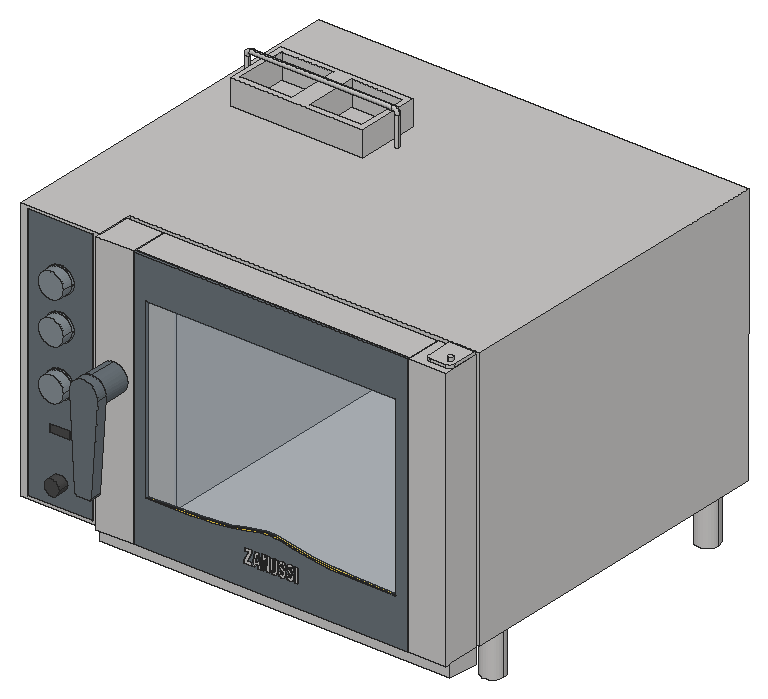
Revit family "QF_ZANUSSI_240470_ZFCG61CSAS", category Specialty Equipment, Revit 2023
Family settings
  Round Connector Dimension = Use Diameter
  Part Type = Normal
  Work Plane-Based = No
  Enable Cutting in Views = No
  Always vertical = Yes
  Cut with Voids When Loaded = No
  Maintain Annotation Orientation = No
  Shared = No
  Room Calculation Point = No
Parameters (values of type "Standard")
  Weight = 92.10 kg
  Watts = 0 W
  Volts = 220 V
  URL Manufacturer = "http://www.zanussiprofessional.com"
  URL = "http://www.zanussiprofessional.com"
  Steam Supply Size = 0 mm
  Steam Supply Minimum Pressure = 0.0 Pa
  Steam Supply Maximum Pressure = 0.0 Pa
  Steam Consumption per Hour = 0
  Show Logo [instance] = yes
  Show Clearance [instance] = yes
  Refrigeration Suction Line Size = 0 mm
  Refrigeration Liquid Line Size = 0 mm
  Refrigerant Compressor Remote = yes
  Default Elevation = 0 mm
  Manufacturer = "Zanussi"
  Phase = 1
  Model = "ZFCG61CSAS"
  Length Actual = 860 mm
  Item Number = "240470"
  Hot Water Size = 0 mm
  Height Actual = 701 mm
  HP = "0.5 HP"
  Gas Size = 12.7 mm
  Gas KW = 8.5
  Gas Input Pressure = 0.63 W
  Direct Waste Size = 25 mm
  Description = "CONVECTION OVEN CW 6 GN 1/1 - GAS"
  Depth Actual = 746 mm
  Cycle = 50 Hz
  Condensate Return Size = 0 mm
  Compressed Air Volume = 0.0 L/s
  Compressed Air Size = 0 mm
  Compressed Air Pressure = 0.0 Pa
  Cold Water Size = 19.05 mm
  Accessory = no
Reference planes
  plane 1 "Center X": y = 96.351
  plane 2: z = 0
  plane 3 "Center Y": x = -330
  plane 4 "LEFT": x = -760
  plane 5 "BACK": y = 469.351
  plane 6 "RIGHT": x = 100
  plane 7 "FRONT": y = -276.649
  plane 8: x = -710
  plane 9 "FeetBack": y = 419.351
  plane 10 "DoorDepth": y = -201.649
  plane 11: x = 80
  plane 12 "BASE": z = 108
  plane 13 "TOP": z = 633
  plane 14: z = 0
  plane 15 "1": y = 231.351
  plane 16 "FeetFront": y = -96.649
  plane 17: z = 704
  plane 18: y = -351.649
  plane 19 "Drain_X": x = -323
  plane 20 "Drain_Y": y = 51.351
  plane 21 "EI_x": x = -663
  plane 22 "EI_y": y = 3.351
  plane 23 "GAS_y": y = -44.649
  plane 24 "Gas_x": x = -679
  plane 25 "CWI_y": y = 294.351
  plane 26 "CWI_x": x = -689
  plane 27: y = -945.649
Forms (mm)
  Extrusion 1, solid, material "QF_Finishes_Stainless Steel"
    sketch origin (0, -8.5, 108) x (-1, 0, 0) y (0, -1, 0)
      loop
        circle (689, -302.851) r 13.25
    from -5 to 0
  Extrusion 2, solid, material "QF_Finishes_Stainless Steel"
    sketch origin (0, 57.5, 108) x (-1, 0, 0) y (0, -1, 0)
      loop
        circle (663, 54.149) r 13.25
    from -5 to 0
  Extrusion 3, solid, material "QF_Finishes_Stainless Steel"
    sketch origin (89, -125, 108) x (-1, 0, 0) y (0, -1, 0)
      loop
        circle (412, -176.351) r 13.25
    from -5 to 0
  Extrusion 4, solid, material "QF_Finishes_Black"
    sketch origin (0, -276.649, -3) x (-1, 0, 0) y (0, 0, 1)
      loop
        circle (680.941, 161.023) r 15
    from 0 to -20
  Extrusion 5, solid, material "QF_Finishes_Stainless Steel"
    sketch origin (15, -153.5, 108) x (-1, 0, 0) y (0, -1, 0)
      loop
        circle (694, -108.851) r 13.25
    from -5 to 0
  Extrusion 6, solid, material "QF_Finishes_Zanussi_Soft Gray"
    sketch origin (0, -276.649, -6) x (-1, 0, 0) y (0, 0, 1)
      loop
        circle (680, 528.824) r 26.676
    from 0 to -3
  Blend 7, solid, material "QF_Finishes_Zanussi_Soft Gray"
    base sketch origin (0, -276.649, -6) x (-1, 0, 0) y (0, 0, 1)
      loop
        circle (680, 528.824) r 25
    top sketch origin (0, -276.649, -6) x (-1, 0, 0) y (0, 0, 1)
      loop
        circle (680, 528.824) r 24.8
    from -3 to -23
  Extrusion 8, solid, material "QF_Finishes_Zanussi_Soft Gray"
    sketch origin (0, -276.649, -5) x (-1, 0, 0) y (0, 0, 1)
      loop
        circle (680, 443.824) r 26.676
    from 0 to -3
  Blend 9, solid, material "QF_Finishes_Zanussi_Soft Gray"
    base sketch origin (0, -276.649, -5) x (-1, 0, 0) y (0, 0, 1)
      loop
        circle (680, 443.824) r 25
    top sketch origin (0, -276.649, -5) x (-1, 0, 0) y (0, 0, 1)
      loop
        circle (680, 443.824) r 24.8
    from -3 to -23
  Extrusion 10, solid, material "QF_Finishes_Zanussi_Soft Gray"
    sketch origin (0, -276.649, -22) x (-1, 0, 0) y (0, 0, 1)
      loop
        circle (680, 358.824) r 26.676
    from 0 to -3
  Blend 11, solid, material "QF_Finishes_Zanussi_Soft Gray"
    base sketch origin (0, -276.649, -22) x (-1, 0, 0) y (0, 0, 1)
      loop
        circle (680, 358.824) r 25
    top sketch origin (0, -276.649, -22) x (-1, 0, 0) y (0, 0, 1)
      loop
        circle (680, 358.824) r 24.8
    from -3 to -23
  Extrusion 12, solid, material "QF_Finishes_Stainless Steel"
    sketch origin (-158.755, 1.577, 1620) x (-1, 0, 0) y (0, -1, 0)
      loop
        line (271.755, -292.774) -> (536.755, -292.774) -> (536.755, -167.774) -> (271.755, -167.774) -> (271.755, -292.774)
      loop
        line (281.755, -282.774) -> (386.755, -282.774) -> (386.755, -177.774) -> (281.755, -177.774) -> (281.755, -282.774)
      loop
        line (526.755, -177.774) -> (421.755, -177.774) -> (421.755, -282.774) -> (526.755, -282.774) -> (526.755, -177.774)
    from -987 to -936
  Sweep 13, solid, material "QF_Finishes_Stainless Steel"
    path origin (-11, 231.351, 0) x (-1, 0, 0) y (0, 0, 1)
      loop
        line (702, 633) -> (702, 692)
        arc (702, 692) -> (699.657, 697.657) -> (694, 700) r 8
        line (694, 700) -> (409, 700)
        arc (409, 700) -> (403.343, 697.657) -> (401, 692) r 8
        line (401, 692) -> (401, 633)
    profile origin (-713, 231.351, 662.5) x (1, 0, 0) y (0, 1, 0)
      loop
        circle (0, 0) r 4
  Extrusion 14, solid, material "QF_Finishes_Stainless Steel"
    sketch origin (0, 0, 108) x (-1, 0, 0) y (0, -1, 0)
      loop
        line (760, -469.351) -> (760, 276.649) -> (600, 276.649) -> (600, 201.649) -> (-100, 201.649) -> (-100, -469.351) -> (760, -469.351)
    from 525 to 0
  Extrusion 15, solid, material "QF_Finishes_Zanussi_Dark Gray"
    sketch origin (0, -276.649, 0) x (-1, 0, 0) y (0, 0, 1)
      loop
        line (745, 628) -> (615, 628) -> (615, 113) -> (745, 113) -> (745, 628)
      loop
        line (660.941, 258.023) -> (660.941, 243.023) -> (700.941, 243.023) -> (700.941, 258.023) -> (660.941, 258.023)
    from 0 to 5
  Extrusion 16, void
    sketch origin (0, -276.649, 0) x (-1, 0, 0) y (0, 0, 1)
      loop
        line (745, 628) -> (615, 628) -> (615, 113) -> (745, 113) -> (745, 628)
    from 0 to 5
  Extrusion 17, void
    sketch origin (0, -276.649, 0) x (-1, 0, 0) y (0, 0, 1)
      loop
        line (-71.369, 123) -> (525, 123) -> (525, 613) -> (-71.369, 613) -> (-71.369, 123)
    from 737 to 75
  Extrusion 18, solid, material "QF_Finishes_Black"
    sketch origin (0, -276.649, 0) x (-1, 0, 0) y (0, 0, 1)
      loop
        line (700.941, 258.023) -> (660.941, 258.023) -> (660.941, 243.023) -> (700.941, 243.023) -> (700.941, 258.023)
    from 5 to 0
  Extrusion 19, solid, material "QF_Clearances", detail levels coarse
    sketch origin (0, 0, 0) x (1, 0, 0) y (0, 1, 0)
      loop
        line (-810, -276.649) -> (-760, -276.649) -> (-760, 469.351) -> (100, 469.351) -> (100, -276.649) -> (150, -276.649) -> (150, 519.351) -> (-810, 519.351) -> (-810, -276.649)
    from 633 to 0
Cuts and joins
  Extrusion 16, Extrusion 17 cuts Extrusion 14
Lines and regions (mm)
  symbolic lines
    curve 1: line (-760, -276.649, 1620) -> (-760, 469.351, 1620)
    curve 2: line (-760, 469.351, 1620) -> (100, 469.351, 1620)
    curve 3: line (-600, -201.649, 1620) -> (100, -201.649, 1620)
    curve 4: line (-600, -201.649, 1620) -> (-600, -276.649, 1620)
    curve 5: line (-760, -276.649, 1620) -> (-600, -276.649, 1620)
    curve 6: line (-706.676, -279.649, 1620) -> (-653.324, -279.649, 1620)
    curve 7: line (-706.676, -279.649, 1620) -> (-706.676, -276.649, 1620)
    curve 8: line (-653.324, -279.649, 1620) -> (-653.324, -276.649, 1620)
    curve 9: line (100, 469.351, 1620) -> (100, -276.649, 1620)
    curve 10: line (-686, 186.822, 684) -> (-686, 227.351, 684)
    curve 11: line (-713, 235.351, 684) -> (-412, 235.351, 684)
    curve 12: line (-713, 227.351, 684) -> (-713, 235.351, 684)
    curve 13: line (-412, 227.351, 684) -> (-713, 227.351, 684)
    curve 14: line (-412, 235.351, 684) -> (-412, 227.351, 684)
    curve 15: line (-704.8, -299.649, 684) -> (-655.2, -299.649, 684)
    curve 16: line (-704.8, -299.649, 684) -> (-705, -279.649, 684)
    curve 17: line (-655.2, -299.649, 684) -> (-655, -279.649, 684)
    curve 23: line (-695.51, 294.351, 633) -> (-430.51, 294.351, 633)
    curve 24: line (-430.51, 294.351, 633) -> (-430.51, 235.351, 633)
    curve 25: line (-430.51, 227.351, 633) -> (-430.51, 169.351, 633)
    curve 26: line (-430.51, 169.351, 633) -> (-695.51, 169.351, 633)
    curve 27: line (-695.51, 169.351, 633) -> (-695.51, 227.351, 633)
    curve 28: line (-695.51, 235.351, 633) -> (-695.51, 294.351, 633)
    curve 29: line (-685.51, 284.351, 633) -> (-580.51, 284.351, 633)
    curve 30: line (-580.51, 284.351, 633) -> (-580.51, 235.351, 633)
    curve 31: line (-685.51, 284.351, 633) -> (-685.51, 235.351, 633)
    curve 32: line (-685.51, 179.351, 633) -> (-685.51, 227.351, 633)
    curve 33: line (-685.51, 179.351, 633) -> (-580.51, 179.351, 633)
    curve 34: line (-580.51, 179.351, 633) -> (-580.51, 227.351, 633)
    curve 35: line (-545.51, 179.351, 633) -> (-545.51, 227.351, 633)
    curve 36: line (-545.51, 235.351, 633) -> (-545.51, 284.351, 633)
    curve 37: line (-545.51, 284.351, 633) -> (-440.51, 284.351, 633)
    curve 38: line (-440.51, 284.351, 633) -> (-440.51, 235.351, 633)
    curve 39: line (-440.51, 227.351, 633) -> (-440.51, 179.351, 633)
    curve 40: line (-440.51, 179.351, 633) -> (-545.51, 179.351, 633)
  symbolic lines, style "QF_Clearances", detail levels coarse
    curve 18: line (-810, -276.649, 0) -> (-810, 519.351, 0)
    curve 19: line (-810, 519.351, 0) -> (150, 519.351, 0)
    curve 20: line (150, 519.351, 0) -> (150, -276.649, 0)
    curve 21: line (150, -276.649, 0) -> (100, -276.649, 0)
    curve 22: line (-810, -276.649, 0) -> (-753.438, -276.649, 0)
Dimensions and locks
  equal spacing: plane 4 "LEFT", plane 3 "Center Y", plane 6 "RIGHT"
  "Length Actual": plane 4 "LEFT" to plane 6 "RIGHT"
  "Depth Actual": plane 5 "BACK" to plane 7 "FRONT"
  equal spacing: plane 5 "BACK", plane 1 "Center X", plane 7 "FRONT"
  plane 12 "BASE" to plane 14 = 108 mm
  plane 13 "TOP" to plane 12 "BASE" = 525 mm
  plane 13 "TOP" to plane 14 = 633 mm
  plane 5 "BACK" to plane 9 "FeetBack" = 50 mm
  plane 9 "FeetBack" to plane 16 "FeetFront" = 516 mm
  locked: plane 16 "FeetFront" to plane 7 "FRONT" at 180
  plane 17 to plane 13 "TOP" to plane 12 "BASE" to level = 71 mm, 525 mm, 108 mm
  plane 17 to level = 704 mm  (x2)
  plane 7 "FRONT" to plane 18 = 75 mm
  plane 5 "BACK" to plane 20 "Drain_Y" = 418 mm
  plane 4 "LEFT" to plane 19 "Drain_X" = 437 mm
  plane 4 "LEFT" to plane 21 "EI_x" = 97 mm
  plane 5 "BACK" to plane 22 "EI_y" = 466 mm
  plane 5 "BACK" to plane 23 "GAS_y" = 514 mm
  plane 4 "LEFT" to plane 24 "Gas_x" = 81 mm
  plane 5 "BACK" to plane 25 "CWI_y" = 175 mm
  plane 4 "LEFT" to plane 26 "CWI_x" = 71 mm
  plane 5 "BACK" to plane 15 "1" = 238 mm
  plane 5 "BACK" to plane 27 = 1415 mm
  locked: plane 10 "DoorDepth" to plane 7 "FRONT" at 75
  aligned and locked: level to plane 2
  aligned and locked: plane 12 "BASE" to nested 1
  aligned and locked: plane 12 "BASE" to nested 2
  aligned and locked: plane 12 "BASE" to nested 4
  aligned and locked: plane 12 "BASE" to nested 3
  aligned and locked: plane 25 "CWI_y" to Extrusion 1
Automatic sketch dimensions
  curve 22 to plane 7 "FRONT" = 0 mm
  curve 21 to plane 6 "RIGHT" = 0 mm
  curve 21 to plane 7 "FRONT" = 0 mm
  curve 18 to plane 4 "LEFT" = 50 mm
  plane 6 "RIGHT" to curve 21 = 50 mm
  plane 5 "BACK" to curve 19 = 50 mm
  plane 4 "LEFT" to curve 22 = 6.562 mm
  Extrusion 1 sketch curve to plane 25 "CWI_y" = 0 mm
  Extrusion 1 sketch curve to plane 26 "CWI_x" = 0 mm
  Extrusion 2 sketch curve to plane 21 "EI_x" = 0 mm
  Extrusion 2 sketch curve to plane 22 "EI_y" = 0 mm
  Extrusion 3 sketch curve to plane 19 "Drain_X" = 0 mm
  Extrusion 3 sketch curve to plane 20 "Drain_Y" = 0 mm
  Extrusion 4 sketch curve to plane 24 "Gas_x" = 1.941 mm
  plane 12 "BASE" to Extrusion 4 sketch curve = 50.023 mm
  Extrusion 5 sketch curve to plane 23 "GAS_y" = 0 mm
  Extrusion 5 sketch curve to plane 24 "Gas_x" = 0 mm
  plane 15 "1" to curve 11 = 4 mm
  curve 11 to plane 3 "Center Y" = 82 mm
  plane 21 "EI_x" to curve 15 = 7.8 mm
  plane 8 to curve 15 = 5.2 mm
  curve 12 to plane 8 = 3 mm
  curve 13 to plane 15 "1" = 4 mm
  curve 17 to plane 7 "FRONT" = 23 mm
  curve 17 to plane 7 "FRONT" = 3 mm
  plane 21 "EI_x" to curve 17 = 8 mm
  plane 26 "CWI_x" to curve 10 = 3 mm
  plane 8 to curve 16 = 5 mm
  curve 10 to curve 10 = 40.529 mm
  curve 16 to plane 7 "FRONT" = 3 mm
  Extrusion 6 sketch curve to plane 24 "Gas_x" = 1 mm
  Extrusion 6 sketch curve to plane 13 "TOP" = 110.176 mm
  Blend 7 sketch curve to plane 24 "Gas_x" = 1 mm  (x2)
  Blend 7 sketch curve to plane 13 "TOP" = 110.176 mm  (x2)
  Extrusion 8 sketch curve to plane 24 "Gas_x" = 1 mm
  Extrusion 8 sketch curve to plane 13 "TOP" = 194.176 mm
  Blend 9 sketch curve to plane 24 "Gas_x" = 1 mm  (x2)
  Blend 9 sketch curve to plane 13 "TOP" = 194.176 mm  (x2)
  Extrusion 10 sketch curve to plane 24 "Gas_x" = 1 mm
  plane 12 "BASE" to Extrusion 10 sketch curve = 228.824 mm
  Blend 11 sketch curve to plane 24 "Gas_x" = 1 mm  (x2)
  plane 12 "BASE" to Blend 11 sketch curve = 228.824 mm  (x2)
  Extrusion 12 sketch curve to plane 25 "CWI_y" = 0 mm
  Extrusion 12 sketch curve to plane 3 "Center Y" = 100.51 mm
  Extrusion 12 sketch curve to Extrusion 12 sketch curve = 10 mm  (x2)
  Extrusion 12 sketch curve to plane 25 "CWI_y" = 10 mm  (x2)
  Extrusion 12 sketch curve to Extrusion 12 sketch curve = 105 mm
  Extrusion 12 sketch curve to Extrusion 12 sketch curve = 35 mm
  plane 26 "CWI_x" to Extrusion 12 sketch curve = 3.49 mm
  Extrusion 12 sketch curve to plane 26 "CWI_x" = 6.51 mm
  Extrusion 12 sketch curve to plane 15 "1" = 52 mm  (x2)
  Sweep 13 sketch curve to plane 13 "TOP" = 0 mm  (x2)
  Sweep 13 sketch curve to plane 17 = 12 mm
  Sweep 13 sketch curve to plane 3 "Center Y" = 82 mm
  Sweep 13 sketch curve to Sweep 13 sketch curve = 8 mm
  plane 8 to Sweep 13 sketch curve = 5 mm
  Sweep 13 sketch curve to plane 8 = 3 mm
  Sweep 13 sketch curve to plane 15 "1" = 0 mm
  Sweep 13 sketch curve to profile plane = 0 mm
  curve 23 to plane 25 "CWI_y" = 0 mm
  curve 23 to plane 3 "Center Y" = 100.51 mm
  curve 25 to curve 24 = 0 mm
  curve 25 to curve 40 = 10 mm
  curve 23 to curve 38 = 10 mm
  curve 40 to plane 15 "1" = 52 mm
  curve 39 to curve 40 = 105 mm
  curve 37 to plane 25 "CWI_y" = 10 mm
  curve 37 to curve 35 = 0 mm
  curve 30 to plane 25 "CWI_y" = 10 mm
  curve 36 to curve 30 = 35 mm
  curve 35 to curve 33 = 35 mm
  plane 26 "CWI_x" to curve 31 = 3.49 mm
  plane 26 "CWI_x" to curve 32 = 3.49 mm
  curve 27 to plane 26 "CWI_x" = 6.51 mm
  curve 23 to plane 26 "CWI_x" = 6.51 mm
  curve 33 to curve 35 = 0 mm
  curve 32 to curve 26 = 10 mm
  plane 15 "1" to curve 38 = 4 mm
  plane 15 "1" to curve 31 = 4 mm
  plane 15 "1" to curve 24 = 4 mm
  plane 15 "1" to curve 36 = 4 mm
  plane 15 "1" to curve 30 = 4 mm
  plane 15 "1" to curve 28 = 4 mm
  curve 35 to plane 15 "1" = 4 mm
  curve 39 to plane 15 "1" = 4 mm
  curve 27 to plane 15 "1" = 4 mm
  curve 25 to plane 15 "1" = 4 mm
  curve 34 to plane 15 "1" = 4 mm
  curve 32 to plane 15 "1" = 4 mm
  Extrusion 14 sketch curve to plane 5 "BACK" = 0 mm
  Extrusion 14 sketch curve to plane 6 "RIGHT" = 0 mm
  Extrusion 14 sketch curve to plane 10 "DoorDepth" = 0 mm
  Extrusion 14 sketch curve to plane 7 "FRONT" = 0 mm
  Extrusion 14 sketch curve to plane 4 "LEFT" = 0 mm
  plane 21 "EI_x" to Extrusion 14 sketch curve = 63 mm
  Extrusion 16 sketch curve to plane 13 "TOP" = 5 mm
  plane 21 "EI_x" to Extrusion 16 sketch curve = 48 mm
  Extrusion 16 sketch curve to plane 8 = 35 mm
  plane 12 "BASE" to Extrusion 16 sketch curve = 5 mm
  Extrusion 17 sketch curve to plane 13 "TOP" = 20 mm
  Extrusion 17 sketch curve to plane 11 = 8.631 mm
  plane 21 "EI_x" to Extrusion 17 sketch curve = 138 mm
  plane 12 "BASE" to Extrusion 17 sketch curve = 15 mm
  Extrusion 15 sketch curve to plane 13 "TOP" = 5 mm
  plane 21 "EI_x" to Extrusion 15 sketch curve = 48 mm
  plane 21 "EI_x" to Extrusion 15 sketch curve = 2.059 mm
  plane 8 to Extrusion 15 sketch curve = 9.059 mm
  plane 4 "LEFT" to Extrusion 15 sketch curve = 15 mm
  plane 12 "BASE" to Extrusion 15 sketch curve = 150.023 mm
  Extrusion 15 sketch curve to Extrusion 15 sketch curve = 15 mm
  plane 12 "BASE" to Extrusion 15 sketch curve = 5 mm
  plane 21 "EI_x" to Extrusion 18 sketch curve = 2.059 mm
  plane 8 to Extrusion 18 sketch curve = 9.059 mm
  plane 12 "BASE" to Extrusion 18 sketch curve = 135.023 mm
  Extrusion 18 sketch curve to Extrusion 18 sketch curve = 15 mm
  curve 3 to plane 10 "DoorDepth" = 0 mm
  curve 5 to plane 7 "FRONT" = 0 mm
  curve 2 to plane 4 "LEFT" = 0 mm
  curve 1 to plane 5 "BACK" = 0 mm
  plane 21 "EI_x" to curve 3 = 63 mm
  curve 8 to plane 7 "FRONT" = 3 mm
  plane 21 "EI_x" to curve 8 = 9.676 mm
  plane 8 to curve 6 = 3.324 mm
  curve 9 to plane 6 "RIGHT" = 0 mm
  curve 9 to plane 7 "FRONT" = 0 mm
  Extrusion 19 sketch curve to plane 7 "FRONT" = 0 mm  (x2)
  Extrusion 19 sketch curve to plane 4 "LEFT" = 0 mm
  Extrusion 19 sketch curve to plane 5 "BACK" = 0 mm
  Extrusion 19 sketch curve to plane 6 "RIGHT" = 0 mm
  Extrusion 19 sketch curve to Extrusion 19 sketch curve = 50 mm
  plane 6 "RIGHT" to Extrusion 19 sketch curve = 50 mm
  plane 5 "BACK" to Extrusion 19 sketch curve = 50 mm
  radius of Extrusion 1 sketch curve = 13.25 mm
  radius of Extrusion 2 sketch curve = 13.25 mm
  radius of Extrusion 3 sketch curve = 13.25 mm
  radius of Extrusion 4 sketch curve = 15 mm
  radius of Extrusion 5 sketch curve = 13.25 mm
  radius of Extrusion 6 sketch curve = 26.676 mm
  radius of Blend 7 sketch curve = 25 mm
  radius of Blend 7 sketch curve = 24.8 mm
  radius of Extrusion 8 sketch curve = 26.676 mm
  radius of Blend 9 sketch curve = 25 mm
  radius of Blend 9 sketch curve = 24.8 mm
  radius of Extrusion 10 sketch curve = 26.676 mm
  radius of Blend 11 sketch curve = 25 mm
  radius of Blend 11 sketch curve = 24.8 mm
  radius of Sweep 13 sketch curve = 4 mm
Nested families
  nested 1: "Foot" at (-710, -107.149, 0), type "Foot"
    with Ø 22 mm, H 108 mm
  nested 2: "Foot" at (50, -107.149, 0), type "Foot"
    with Ø 22 mm, H 108 mm
  nested 3: "Foot" at (50, 429.851, 0), type "Foot"
    with Ø 22 mm, H 108 mm
  nested 4: "Foot" at (-710, 429.851, 0), type "Foot"
    with Ø 22 mm, H 108 mm
  nested 5: "ZAN_DOOR_CROSSWISE_H525" at (100, -215.149, 0), type "ZAN_DOOR_CROSSWISE_H525"
    with Show Clearance yes
Connectors
  piping at (-323, 51.351, 103), diameter 25, driven by "Direct Waste Size"
    settings: on Extrusion 3, index 6, connector inside diameter 609.6 mm, connector length 0 mm, flow factor 0, pipe flow 0.0 L/s, pressure drop 0.0 Pa, fitting loss kfactor 0, connector angle 0.00°, fixture units 0, engagement length 0 mm, angle of deflection 0.00°, flow configuration 0, flow direction 2, fitting loss method 0, system type 16, joint type 0, gender type 0, connector reference index -1, connector utility 0, adjustable connector no, is connector primary yes, connector description "Drain"
  electrical at (-663, 3.351, 103)
    settings: on Extrusion 2, index 7, voltage 0 V, apparent load 0 VA, apparent load phase1 0 VA, apparent load phase2 0 VA, apparent load phase3 0 VA, power factor 1, load classification "Altro", number of poles 1, system type 30, power factor state 1, is connector primary yes, connector utility no, sub classification motor no, connector description "Electrical Connection"
  piping at (-689, 294.351, 103), diameter 19.05, driven by "Cold Water Size"
    settings: on Extrusion 1, index 8, connector inside diameter 609.6 mm, connector length 0 mm, flow factor 0, pipe flow 0.0 L/s, pressure drop 0.0 Pa, fitting loss kfactor 0, connector angle 0.00°, fixture units 0, engagement length 0 mm, angle of deflection 0.00°, flow configuration 0, flow direction 1, fitting loss method 0, system type 20, joint type 0, gender type 0, connector reference index -1, connector utility 0, adjustable connector no, is connector primary no, connector description "Cold Water Inlet"
  piping at (-679, -44.649, 103), diameter 26.4
    settings: on Extrusion 5, index 9, connector inside diameter 609.6 mm, connector length 0 mm, flow factor 0, pipe flow 0.0 L/s, pressure drop 0.0 Pa, fitting loss kfactor 0, connector angle 0.00°, fixture units 0, engagement length 0 mm, angle of deflection 0.00°, flow configuration 0, flow direction 1, fitting loss method 0, system type 7, joint type 0, gender type 0, connector reference index -1, connector utility 0, adjustable connector no, is connector primary no, connector description "Gas Connection"
Definition of nested family "Foot"
  Parameters
    Ø [instance] = 20 mm
    Default Elevation = 0 mm
    H [instance] = 50 mm
  Reference planes
    plane 1 "Centro (Fronte/Retro)": y = 0
    plane 2: z = 0
    plane 3 "Centro (Sinistra/Destra)": x = 0
    plane 4: z = 50
  Forms (mm)
    Revolve 1, solid
      sketch origin (255.05, 0, 608.09) x (0, 0, 1) y (-1, 0, 0)
        loop
          line (-608.09, 255.05) -> (-608.09, 235.05) -> (-558.09, 235.05) -> (-558.09, 255.05) -> (-608.09, 255.05)
        axis (-608.09, 255.05) -> (-558.09, 255.05)
      angle from 0 to 360
  Dimensions and locks
    "H": plane 4 to plane 2
    "Ø": Revolve 1 sketch curve to Revolve 1 sketch curve
    aligned and locked: level to plane 2
    aligned and locked: plane 4 to Revolve 1 sketch curve
    aligned and locked: Revolve 1 sketch curve to level
    aligned and locked: plane 3 "Centro (Sinistra/Destra)" to Revolve 1 sketch curve
  Automatic sketch dimensions
    Revolve 1 sketch curve to plane 3 "Centro (Sinistra/Destra)" = 0 mm
    Revolve 1 sketch curve to Revolve 1 sketch curve = 50 mm
    Revolve 1 sketch curve to Revolve 1 sketch curve = 20 mm
Definition of nested family "ZAN_DOOR_CROSSWISE_H525"
  Parameters (values of type "ZAN_DOOR_CROSSWISE_H525")
    sp_Lama = 5 mm
    Z_Maniglia = 285 mm
    W_Door = 700 mm
    Show Clearance [instance] = yes
    Default Elevation = 0 mm
    H_Feet = 108 mm
    H_FasciaTop = 75 mm
    H_Door = 525 mm
    W_fasce = 75 mm
    Direct Waste Size = 25 mm
  Reference planes
    plane 1 "Center (Front/Back)": y = 3
    plane 2: z = 0
    plane 3 "Center (Left/Right)": x = 0
    plane 4 "Top": z = 633
    plane 5 "Feet": z = 108
    plane 6 "Front": y = -72
    plane 7: z = 628
    plane 8: z = 553
    plane 9: x = -600
    plane 10: x = -75
    plane 11: x = -700
    plane 12: x = -625
    plane 13: x = -100
    plane 14: x = -624
    plane 15: x = -76
    plane 16: z = 132
    plane 17: z = 393
    plane 18: x = -665
  Forms (mm)
    Extrusion 1, solid
      sketch origin (0, -72, 0) x (0, 0, -1) y (-1, 0, 0)
        loop
          line (-633, 700) -> (-633, 625) -> (-108, 625) -> (-108, 700) -> (-633, 700)
        loop
          line (-633, 0) -> (-108, 0) -> (-108, 75) -> (-633, 75) -> (-633, 0)
      from 0 to 75
    Extrusion 2, solid
      sketch origin (0, -72, 0) x (0, 0, -1) y (-1, 0, 0)
        loop
          line (-199.529, 600) -> (-553, 600) -> (-553, 100) -> (-199.529, 100) -> (-199.529, 176.502) -> (-199.716, 190.941) -> (-200.068, 211.042)
          arc (-200.068, 211.042) -> (-200.373, 221.113) -> (-200.944, 231.172) r 381.251
          arc (-200.944, 231.172) -> (-202.69, 251.25) -> (-205.394, 271.221) r 421.149
          arc (-205.394, 271.221) -> (-208.274, 287.092) -> (-211.548, 302.885) r 647.683
          arc (-211.548, 302.885) -> (-214.401, 316.603) -> (-216.93, 330.384) r 593.178
          arc (-216.93, 330.384) -> (-217.581, 335.587) -> (-218.06, 340.808) r 159.42
          arc (-218.06, 340.808) -> (-218.307, 345.507) -> (-218.401, 350.211) r 143.741
          arc (-218.401, 350.211) -> (-218.306, 354.916) -> (-218.057, 359.615) r 143.741
          arc (-218.057, 359.615) -> (-217.576, 364.836) -> (-216.923, 370.039) r 159.42
          arc (-216.923, 370.039) -> (-214.399, 383.796) -> (-211.55, 397.489) r 593.18
          arc (-211.55, 397.489) -> (-208.278, 413.271) -> (-205.4, 429.129) r 647.681
          arc (-205.4, 429.129) -> (-202.709, 448.969) -> (-200.965, 468.913) r 421.147
          arc (-200.965, 468.913) -> (-200.379, 479.117) -> (-200.068, 489.332) r 381.251
          line (-200.068, 489.332) -> (-199.716, 509.433) -> (-199.529, 523.872) -> (-199.529, 600)
        loop
          line (-108, 76) -> (-108, 624) -> (-633, 624) -> (-633, 76) -> (-108, 76)
      from 0 to 5
    Extrusion 3, void
      sketch origin (-100, -72, 0) x (-1, 0, 0) y (0, 0, 1)
        loop
          line (288.603, 151.973) -> (303.509, 151.973) -> (303.509, 157.706) -> (295.318, 174.905) -> (302.853, 174.741) -> (302.853, 179.982) -> (288.603, 179.982) -> (288.603, 175.232) -> (297.201, 157.706) -> (288.603, 157.706) -> (288.603, 151.973)
        loop
          line (280.375, 162.456) -> (278.737, 175.195) -> (277.1, 162.456) -> (280.375, 162.456)
        loop
          line (281.849, 151.973) -> (287.746, 151.973) -> (282.669, 179.982) -> (274.806, 179.982) -> (269.565, 151.973) -> (275.461, 151.973) -> (276.281, 157.378) -> (281.031, 157.378) -> (281.849, 151.973)
        loop
          line (268.839, 179.982) -> (262.778, 179.982) -> (258.028, 162.128) -> (258.028, 179.982) -> (252.786, 179.982) -> (252.786, 151.973) -> (259.011, 151.973) -> (263.761, 170.482) -> (263.761, 151.973) -> (268.839, 151.973) -> (268.839, 179.982)
        loop
          line (251.476, 158.9) -> (251.476, 179.982) -> (245.743, 179.982) -> (245.743, 158.689)
          arc (245.743, 158.689) -> (243.81, 157.443) -> (242.303, 159.18) r 1.755
          line (242.303, 159.18) -> (242.303, 179.982) -> (236.57, 179.982) -> (236.57, 157.87)
          arc (236.57, 157.87) -> (244.469, 151.928) -> (251.476, 158.9) r 7.548
        loop
          line (225.923, 171.137) -> (225.923, 174.183)
          arc (225.923, 174.183) -> (228.232, 175.801) -> (229.849, 173.492) r 1.993
          arc (229.849, 173.492) -> (229.394, 172.205) -> (228.544, 171.137) r 4.132
          line (228.544, 171.137) -> (222.261, 165.482)
          arc (222.261, 165.482) -> (220.244, 161.234) -> (220.358, 156.532) r 10.152
          arc (220.358, 156.532) -> (226.648, 151.979) -> (234.116, 154.106) r 8.889
          arc (234.116, 154.106) -> (235.696, 157.791) -> (235.751, 161.801) r 10.311
          line (235.751, 161.801) -> (230.033, 161.801)
          arc (230.033, 161.801) -> (230.009, 161.099) -> (230.033, 160.396) r 10.165
          arc (230.033, 160.396) -> (230.059, 159.653) -> (230.033, 158.91) r 10.759
          arc (230.033, 158.91) -> (229.7, 157.855) -> (228.922, 157.068) r 2.359
          arc (228.922, 157.068) -> (226.339, 157.656) -> (226.065, 160.291) r 2.275
          arc (226.065, 160.291) -> (227.174, 161.799) -> (228.6, 163.01) r 8.056
          line (228.6, 163.01) -> (231.016, 165.151)
          arc (231.016, 165.151) -> (233.167, 167.4) -> (234.919, 169.972) r 18.895
          arc (234.919, 169.972) -> (235.183, 174.623) -> (233.05, 178.765) r 8.857
          arc (233.05, 178.765) -> (227.818, 180.471) -> (222.586, 178.765) r 8.876
          arc (222.586, 178.765) -> (220.806, 176.522) -> (220.429, 173.684) r 5.378
          line (220.429, 173.684) -> (220.518, 171.137) -> (225.923, 171.137)
        loop
          line (209.587, 171.137) -> (209.587, 174.183)
          arc (209.587, 174.183) -> (211.896, 175.801) -> (213.513, 173.492) r 1.993
          arc (213.513, 173.492) -> (213.058, 172.205) -> (212.208, 171.137) r 4.132
          line (212.208, 171.137) -> (205.924, 165.482)
          arc (205.924, 165.482) -> (203.908, 161.234) -> (204.022, 156.532) r 10.152
          arc (204.022, 156.532) -> (210.312, 151.979) -> (217.779, 154.106) r 8.889
          arc (217.779, 154.106) -> (219.36, 157.791) -> (219.415, 161.801) r 10.311
          line (219.415, 161.801) -> (213.696, 161.801)
          arc (213.696, 161.801) -> (213.672, 161.099) -> (213.696, 160.396) r 10.165
          arc (213.696, 160.396) -> (213.722, 159.653) -> (213.696, 158.91) r 10.759
          arc (213.696, 158.91) -> (213.363, 157.855) -> (212.586, 157.068) r 2.359
          arc (212.586, 157.068) -> (210.003, 157.656) -> (209.729, 160.291) r 2.275
          arc (209.729, 160.291) -> (210.837, 161.799) -> (212.264, 163.01) r 8.056
          line (212.264, 163.01) -> (214.679, 165.151)
          arc (214.679, 165.151) -> (216.83, 167.4) -> (218.583, 169.972) r 18.895
          arc (218.583, 169.972) -> (218.847, 174.623) -> (216.714, 178.765) r 8.857
          arc (216.714, 178.765) -> (211.482, 180.471) -> (206.25, 178.765) r 8.876
          arc (206.25, 178.765) -> (204.469, 176.522) -> (204.093, 173.684) r 5.378
          line (204.093, 173.684) -> (204.182, 171.137) -> (209.587, 171.137)
        loop
          line (202.992, 179.982) -> (197.259, 179.982) -> (197.259, 151.973) -> (202.992, 151.973) -> (202.992, 179.982)
      from 0 to 2
    Extrusion 4, solid
      sketch origin (0, -72, 0) x (0, 0, -1) y (-1, 0, 0)
        loop
          line (-202.139, 509.481) -> (-202.564, 489.393)
          arc (-202.564, 489.393) -> (-202.899, 479.36) -> (-203.486, 469.339) r 398.755
          arc (-203.486, 469.339) -> (-205.267, 449.395) -> (-208.001, 429.558) r 418.492
          arc (-208.001, 429.558) -> (-210.747, 414.666) -> (-213.78, 399.829) r 786.502
          arc (-213.78, 399.829) -> (-217.005, 385.332) -> (-219.595, 370.709) r 340.705
          arc (-219.595, 370.709) -> (-220.306, 365.406) -> (-220.802, 360.079) r 132.002
          arc (-220.802, 360.079) -> (-221.067, 355.145) -> (-221.148, 350.205) r 132.002
          arc (-221.148, 350.205) -> (-221.068, 345.264) -> (-220.804, 340.33) r 132.002
          arc (-220.804, 340.33) -> (-220.308, 334.985) -> (-219.595, 329.665) r 132.002
          arc (-219.595, 329.665) -> (-217.005, 315.042) -> (-213.78, 300.546) r 340.705
          arc (-213.78, 300.546) -> (-210.745, 285.697) -> (-207.996, 270.792) r 786.502
          arc (-207.996, 270.792) -> (-205.264, 250.951) -> (-203.484, 231.002) r 418.492
          arc (-203.484, 231.002) -> (-202.898, 220.998) -> (-202.564, 210.981) r 398.755
          line (-202.564, 210.981) -> (-202.139, 190.893) -> (-199.529, 100) -> (-199.529, 176.502) -> (-199.716, 190.941) -> (-200.068, 211.042)
          arc (-200.068, 211.042) -> (-200.373, 221.113) -> (-200.944, 231.172) r 381.251
          arc (-200.944, 231.172) -> (-202.69, 251.25) -> (-205.394, 271.221) r 421.149
          arc (-205.394, 271.221) -> (-208.274, 287.092) -> (-211.548, 302.885) r 647.683
          arc (-211.548, 302.885) -> (-214.401, 316.599) -> (-216.929, 330.377) r 593.178
          arc (-216.929, 330.377) -> (-217.58, 335.58) -> (-218.059, 340.801) r 159.419
          arc (-218.059, 340.801) -> (-218.307, 345.5) -> (-218.401, 350.205) r 143.741
          arc (-218.401, 350.205) -> (-218.306, 354.909) -> (-218.057, 359.608) r 143.741
          arc (-218.057, 359.608) -> (-217.578, 364.812) -> (-216.929, 369.997) r 159.42
          arc (-216.929, 369.997) -> (-214.401, 383.775) -> (-211.549, 397.489) r 593.179
          arc (-211.549, 397.489) -> (-208.277, 413.271) -> (-205.398, 429.129) r 647.683
          arc (-205.398, 429.129) -> (-202.696, 449.074) -> (-200.95, 469.125) r 421.148
          arc (-200.95, 469.125) -> (-200.375, 479.223) -> (-200.068, 489.332) r 381.251
          line (-200.068, 489.332) -> (-199.716, 509.433) -> (-199.529, 523.872) -> (-199.529, 600.013) -> (-202.139, 509.481)
      from 0 to 5
    Extrusion 5, solid
      sketch origin (0, -72, 0) x (0, 0, -1) y (-1, 0, 0)
        loop
          line (-151.973, 388.603) -> (-151.973, 403.509) -> (-157.706, 403.509) -> (-174.905, 395.318) -> (-174.741, 402.853) -> (-179.982, 402.853) -> (-179.982, 388.603) -> (-175.232, 388.603) -> (-157.706, 397.201) -> (-157.706, 388.603) -> (-151.973, 388.603)
        loop
          line (-162.456, 380.375) -> (-175.195, 378.737) -> (-162.456, 377.1) -> (-162.456, 380.375)
        loop
          line (-151.973, 381.849) -> (-151.973, 387.746) -> (-179.982, 382.669) -> (-179.982, 374.806) -> (-151.973, 369.565) -> (-151.973, 375.461) -> (-157.378, 376.281) -> (-157.378, 381.031) -> (-151.973, 381.849)
        loop
          line (-179.982, 368.839) -> (-179.982, 362.778) -> (-162.128, 358.028) -> (-179.982, 358.028) -> (-179.982, 352.786) -> (-151.973, 352.786) -> (-151.973, 359.011) -> (-170.482, 363.761) -> (-151.973, 363.761) -> (-151.973, 368.839) -> (-179.982, 368.839)
        loop
          line (-158.9, 351.476) -> (-179.982, 351.476) -> (-179.982, 345.743) -> (-158.689, 345.743)
          arc (-158.689, 345.743) -> (-157.443, 343.81) -> (-159.18, 342.303) r 1.755
          line (-159.18, 342.303) -> (-179.982, 342.303) -> (-179.982, 336.57) -> (-157.87, 336.57)
          arc (-157.87, 336.57) -> (-151.928, 344.469) -> (-158.9, 351.476) r 7.548
        loop
          line (-171.137, 325.923) -> (-174.183, 325.923)
          arc (-174.183, 325.923) -> (-175.801, 328.232) -> (-173.492, 329.849) r 1.993
          arc (-173.492, 329.849) -> (-172.205, 329.394) -> (-171.137, 328.544) r 4.132
          line (-171.137, 328.544) -> (-165.482, 322.261)
          arc (-165.482, 322.261) -> (-161.234, 320.244) -> (-156.532, 320.358) r 10.152
          arc (-156.532, 320.358) -> (-151.979, 326.648) -> (-154.106, 334.116) r 8.889
          arc (-154.106, 334.116) -> (-157.791, 335.696) -> (-161.801, 335.751) r 10.311
          line (-161.801, 335.751) -> (-161.801, 330.033)
          arc (-161.801, 330.033) -> (-161.099, 330.009) -> (-160.396, 330.033) r 10.165
          arc (-160.396, 330.033) -> (-159.653, 330.059) -> (-158.91, 330.033) r 10.759
          arc (-158.91, 330.033) -> (-157.855, 329.7) -> (-157.068, 328.922) r 2.359
          arc (-157.068, 328.922) -> (-157.656, 326.339) -> (-160.291, 326.065) r 2.275
          arc (-160.291, 326.065) -> (-161.799, 327.174) -> (-163.01, 328.6) r 8.056
          line (-163.01, 328.6) -> (-165.151, 331.016)
          arc (-165.151, 331.016) -> (-167.4, 333.167) -> (-169.972, 334.919) r 18.895
          arc (-169.972, 334.919) -> (-174.623, 335.183) -> (-178.765, 333.05) r 8.857
          arc (-178.765, 333.05) -> (-180.471, 327.818) -> (-178.765, 322.586) r 8.876
          arc (-178.765, 322.586) -> (-176.522, 320.806) -> (-173.684, 320.429) r 5.378
          line (-173.684, 320.429) -> (-171.137, 320.518) -> (-171.137, 325.923)
        loop
          line (-171.137, 309.587) -> (-174.183, 309.587)
          arc (-174.183, 309.587) -> (-175.801, 311.896) -> (-173.492, 313.513) r 1.993
          arc (-173.492, 313.513) -> (-172.205, 313.058) -> (-171.137, 312.208) r 4.132
          line (-171.137, 312.208) -> (-165.482, 305.924)
          arc (-165.482, 305.924) -> (-161.234, 303.908) -> (-156.532, 304.022) r 10.152
          arc (-156.532, 304.022) -> (-151.979, 310.312) -> (-154.106, 317.779) r 8.889
          arc (-154.106, 317.779) -> (-157.791, 319.36) -> (-161.801, 319.415) r 10.311
          line (-161.801, 319.415) -> (-161.801, 313.696)
          arc (-161.801, 313.696) -> (-161.099, 313.672) -> (-160.396, 313.696) r 10.165
          arc (-160.396, 313.696) -> (-159.653, 313.722) -> (-158.91, 313.696) r 10.759
          arc (-158.91, 313.696) -> (-157.855, 313.363) -> (-157.068, 312.586) r 2.359
          arc (-157.068, 312.586) -> (-157.656, 310.003) -> (-160.291, 309.729) r 2.275
          arc (-160.291, 309.729) -> (-161.799, 310.837) -> (-163.01, 312.264) r 8.056
          line (-163.01, 312.264) -> (-165.151, 314.679)
          arc (-165.151, 314.679) -> (-167.4, 316.83) -> (-169.972, 318.583) r 18.895
          arc (-169.972, 318.583) -> (-174.623, 318.847) -> (-178.765, 316.714) r 8.857
          arc (-178.765, 316.714) -> (-180.471, 311.482) -> (-178.765, 306.25) r 8.876
          arc (-178.765, 306.25) -> (-176.522, 304.469) -> (-173.684, 304.093) r 5.378
          line (-173.684, 304.093) -> (-171.137, 304.182) -> (-171.137, 309.587)
        loop
          line (-179.982, 302.992) -> (-179.982, 297.259) -> (-151.973, 297.259) -> (-151.973, 302.992) -> (-179.982, 302.992)
      from 0 to 2
    Extrusion 6, solid
      sketch origin (0, -72, 0) x (0, 0, -1) y (-1, 0, 0)
        loop
          line (-628, 624) -> (-628, 600) -> (-132, 600) -> (-132, 100) -> (-628, 100) -> (-628, 76) -> (-108, 76) -> (-108, 624) -> (-628, 624)
      from 5 to 75
    Extrusion 7, solid
      sketch origin (0, -72, 0) x (0, 0, -1) y (-1, 0, 0)
        loop
          line (-553, 600) -> (-553, 100) -> (-199.519, 100) -> (-202.139, 190.893) -> (-202.564, 210.981)
          arc (-202.564, 210.981) -> (-202.898, 220.998) -> (-203.484, 231.002) r 398.755
          arc (-203.484, 231.002) -> (-205.264, 250.951) -> (-207.996, 270.792) r 418.492
          arc (-207.996, 270.792) -> (-210.742, 285.684) -> (-213.774, 300.521) r 786.502
          arc (-213.774, 300.521) -> (-217.003, 315.03) -> (-219.596, 329.665) r 340.706
          arc (-219.596, 329.665) -> (-220.309, 334.985) -> (-220.805, 340.33) r 132.003
          arc (-220.805, 340.33) -> (-221.069, 345.264) -> (-221.148, 350.205) r 132.003
          arc (-221.148, 350.205) -> (-221.068, 355.145) -> (-220.802, 360.079) r 132.003
          arc (-220.802, 360.079) -> (-220.307, 365.406) -> (-219.596, 370.709) r 132.003
          arc (-219.596, 370.709) -> (-217.005, 385.336) -> (-213.779, 399.836) r 340.706
          arc (-213.779, 399.836) -> (-210.746, 414.673) -> (-208, 429.565) r 786.502
          arc (-208, 429.565) -> (-205.272, 449.36) -> (-203.491, 469.263) r 418.492
          arc (-203.491, 469.263) -> (-202.901, 479.322) -> (-202.564, 489.393) r 398.755
          line (-202.564, 489.393) -> (-202.139, 509.481) -> (-199.529, 600) -> (-553, 600)
      from 0 to 5
    Extrusion 8, solid
      sketch origin (0, -72, 0) x (0, 0, -1) y (-1, 0, 0)
        loop
          line (-628, 600) -> (-628, 100) -> (-132, 100) -> (-132, 600) -> (-628, 600)
      from 75 to 70
    Extrusion 9, solid
      sketch origin (0, -72, 0) x (0, 0, -1) y (-1, 0, 0)
        loop
          line (-628, 624) -> (-633, 624) -> (-633, 76) -> (-628, 76) -> (-628, 624)
      from 5 to 75
    Extrusion 10, solid
      sketch origin (-100, -72, -17) x (-1, 0, 0) y (0, 0, 1)
        loop
          arc (548.194, 231.003) -> (549.77, 227.69) -> (553.183, 226.345) r 5
          line (553.183, 226.345) -> (576.817, 226.345)
          arc (576.817, 226.345) -> (580.24, 227.7) -> (581.808, 231.032) r 5
          line (581.808, 231.032) -> (592.999, 410.21)
          arc (592.999, 410.21) -> (564.012, 437.983) -> (537.056, 408.235) r 28
          line (537.056, 408.235) -> (548.194, 231.003)
      from -55 to -75
    Extrusion 11, solid
      sketch origin (0, -72, 0) x (0, 0, -1) y (-1, 0, 0)
        loop
          circle (-393, 665) r 28
      from 0 to -55
    Extrusion 12, solid
      sketch origin (0, 0, 0) x (0, 1, 0) y (0, 0, 1)
        loop
          line (-62, 108) -> (-62, 83) -> (3, 78.455) -> (3, 108) -> (-62, 108)
      from -700 to 0
    Extrusion 13, solid
      sketch origin (0, 0, 633) x (0, -1, 0) y (1, 0, 0)
        loop
          circle (38.919, -17.1) r 5
      from 10 to 5
    Extrusion 14, solid
      sketch origin (0, 0, 633) x (0, -1, 0) y (1, 0, 0)
        loop
          line (-3, -52.67) -> (47, -52.67)
          arc (47, -52.67) -> (54.071, -49.741) -> (57, -42.67) r 10
          line (57, -42.67) -> (57, -12.67)
          arc (57, -12.67) -> (54.071, -5.598) -> (47, -2.67) r 10
          line (47, -2.67) -> (-3, -2.67) -> (-3, -52.67)
      from 5 to 0
    Extrusion 15, solid, detail levels coarse
      sketch origin (-100, 215.149, 0) x (1, 0, 0) y (0, 1, 0)
        loop
          arc (-600, -287.149) -> (-387.996, -760.219) -> (100, -935.149) r 661.477
          line (100, -935.149) -> (100, -287.149) -> (-600, -287.149)
      from 633 to 108
  Cuts and joins
    Extrusion 3 cuts Extrusion 2
  Lines and regions (mm)
    symbolic lines
      curve 1: line (-687.299, -127, 0) -> (-631.299, -127, 0)
      curve 2: line (-687.299, -147, 0) -> (-687.299, -72, 0)
      curve 3: line (-631.299, -147, 0) -> (-687.299, -147, 0)
      curve 4: line (-631.299, -72, 0) -> (-631.299, -147, 0)
      curve 5: line (-700, 3, 0) -> (0, 3, 0)
      curve 6: line (-700, -72, 0) -> (-700, 3, 0)
      curve 7: line (0, -72, 0) -> (-700, -72, 0)
      curve 8: line (0, 3, 0) -> (0, -72, 0)
      curve 9: line (-625, -72, 0) -> (-625, 3, 0)
      curve 10: line (-75, -72, 0) -> (-75, 3, 0)
      curve 11: arc (-52.67, -47, 0) -> (-49.741, -54.071, 0) -> (-42.67, -57, 0) r 10
      curve 12: line (-42.67, -57, 0) -> (-12.67, -57, 0)
      curve 13: arc (-12.67, -57, 0) -> (-5.598, -54.071, 0) -> (-2.67, -47, 0) r 10
      curve 14: line (-2.67, -47, 0) -> (-2.67, 3, 0)
      curve 15: line (-52.67, 3, 0) -> (-52.67, -47, 0)
      curve 16: circle (-17.1, -38.919, 0) r 5 normal (0, 0, 1)
      curve 17: arc (-700, -72, 0) -> (-487.996, -545.069, 0) -> (0, -720, 0) r 661.477
      curve 18: line (0, -720, 0) -> (0, -72, 0)
  Dimensions and locks
    plane 1 "Center (Front/Back)" to plane 6 "Front" = 75 mm
    "H_Feet": plane 5 "Feet" to level
    "H_Door": plane 4 "Top" to plane 5 "Feet"
    "sp_Lama": plane 4 "Top" to plane 7
    "H_FasciaTop": plane 7 to plane 8
    "W_fasce": plane 11 to plane 12
    "W_fasce": plane 3 "Center (Left/Right)" to plane 10
    locked: plane 14 to plane 12 at 1
    plane 15 to plane 10 = 1 mm
    locked: plane 9 to plane 14 at 24
    locked: plane 15 to plane 13 at 24
    locked: plane 16 to plane 5 "Feet" at 24
    "Z_Maniglia": plane 17 to plane 5 "Feet"
    locked: plane 11 to plane 18 at 35
    "W_Door": plane 11 to plane 3 "Center (Left/Right)"
    aligned and locked: level to plane 2
    aligned and locked: Extrusion 9 to plane 7
    aligned and locked: plane 7 to Extrusion 8
    aligned and locked: plane 7 to Extrusion 6  (x2)
    aligned and locked: Extrusion 1 to plane 4 "Top"  (x2)
    aligned and locked: Extrusion 15 to plane 4 "Top"
    aligned and locked: Extrusion 9 to plane 4 "Top"
    aligned and locked: cut or joined group of Extrusion 2, Extrusion 3 to plane 4 "Top"
    aligned and locked: cut or joined group of Extrusion 2, Extrusion 3 to plane 8
    aligned and locked: plane 8 to Extrusion 7
    aligned and locked: plane 5 "Feet" to Extrusion 6
    aligned and locked: plane 5 "Feet" to Extrusion 15
    aligned and locked: plane 5 "Feet" to Extrusion 1  (x2)
    aligned and locked: plane 5 "Feet" to cut or joined group of Extrusion 2, Extrusion 3
    aligned and locked: Extrusion 6 to plane 14
    aligned and locked: plane 9 to Extrusion 6
    aligned and locked: plane 15 to Extrusion 6
    aligned and locked: plane 13 to Extrusion 6
    aligned and locked: plane 11 to Extrusion 1
    aligned and locked: plane 3 "Center (Left/Right)" to Extrusion 1
    aligned and locked: plane 12 to Extrusion 1
    aligned and locked: plane 10 to Extrusion 1
    aligned and locked: plane 16 to Extrusion 6
    aligned and locked: Extrusion 8 to plane 16
    aligned and locked: plane 3 "Center (Left/Right)" to Extrusion 12
    aligned and locked: plane 9 to cut or joined group of Extrusion 2, Extrusion 3
    aligned and locked: plane 13 to cut or joined group of Extrusion 2, Extrusion 3
    aligned and locked: plane 11 to Extrusion 12
  Automatic sketch dimensions
    curve 7 to plane 6 "Front" = 0 mm
    plane 1 "Center (Front/Back)" to curve 6 = 0 mm
    curve 8 to plane 3 "Center (Left/Right)" = 0 mm
    curve 14 to plane 3 "Center (Left/Right)" = 2.67 mm
    curve 12 to plane 3 "Center (Left/Right)" = 12.67 mm
    curve 16 to curve 13 = 4.431 mm
    plane 6 "Front" to curve 17 = 12.348 mm
    curve 17 to curve 13 = 25.969 mm
    curve 12 to curve 17 = 4.031 mm
    curve 15 to curve 11 = 10 mm
    curve 4 to plane 6 "Front" = 75 mm
    curve 4 to curve 15 = 578.629 mm
    curve 2 to curve 3 = 56 mm
    curve 5 to curve 2 = 12.701 mm
    plane 6 "Front" to curve 12 = 15 mm
    curve 13 to curve 16 = 8.081 mm
    curve 10 to curve 15 = 22.33 mm
    curve 4 to curve 9 = 6.299 mm
    curve 3 to curve 1 = 20 mm
    Extrusion 3 sketch curve to plane 5 "Feet" = 71.982 mm  (x3)
    Extrusion 3 sketch curve to plane 3 "Center (Left/Right)" = 297.259 mm
    Extrusion 3 sketch curve to Extrusion 3 sketch curve = 4.888 mm
    Extrusion 3 sketch curve to Extrusion 3 sketch curve = 5.704 mm
    Extrusion 3 sketch curve to Extrusion 3 sketch curve = 0.845 mm
    Extrusion 3 sketch curve to plane 5 "Feet" = 65.684 mm  (x2)
    Extrusion 3 sketch curve to Extrusion 3 sketch curve = 1.947 mm  (x2)
    Extrusion 3 sketch curve to plane 5 "Feet" = 63.137 mm  (x4)
    Extrusion 3 sketch curve to Extrusion 3 sketch curve = 0.089 mm  (x2)
    Extrusion 3 sketch curve to plane 5 "Feet" = 57.482 mm  (x2)
    Extrusion 3 sketch curve to Extrusion 3 sketch curve = 1.743 mm
    Extrusion 3 sketch curve to Extrusion 3 sketch curve = 6.311 mm
    Extrusion 3 sketch curve to Extrusion 3 sketch curve = 5.327 mm  (x2)
    Extrusion 3 sketch curve to Extrusion 3 sketch curve = 0.024 mm  (x2)
    Extrusion 3 sketch curve to Extrusion 3 sketch curve = 0.143 mm  (x2)
    Extrusion 3 sketch curve to Extrusion 3 sketch curve = 0.597 mm  (x2)
    Extrusion 3 sketch curve to Extrusion 3 sketch curve = 2.07 mm  (x2)
    Extrusion 3 sketch curve to Extrusion 3 sketch curve = 1.298 mm  (x2)
    Extrusion 3 sketch curve to Extrusion 3 sketch curve = 1.366 mm  (x2)
    Extrusion 3 sketch curve to Extrusion 3 sketch curve = 0.362 mm  (x2)
    Extrusion 3 sketch curve to Extrusion 3 sketch curve = 0.15 mm  (x2)
    Extrusion 3 sketch curve to Extrusion 3 sketch curve = 0.726 mm  (x3)
    Extrusion 3 sketch curve to plane 5 "Feet" = 55.01 mm  (x2)
    Extrusion 3 sketch curve to Extrusion 3 sketch curve = 0.409 mm  (x2)
    Extrusion 3 sketch curve to Extrusion 3 sketch curve = 1.432 mm  (x2)
    Extrusion 3 sketch curve to Extrusion 3 sketch curve = 2.132 mm  (x2)
    Extrusion 3 sketch curve to plane 5 "Feet" = 57.151 mm  (x2)
    Extrusion 3 sketch curve to Extrusion 3 sketch curve = 2.415 mm  (x2)
    Extrusion 3 sketch curve to Extrusion 3 sketch curve = 2.892 mm  (x2)
    Extrusion 3 sketch curve to Extrusion 3 sketch curve = 6.932 mm
    Extrusion 3 sketch curve to Extrusion 3 sketch curve = 2.57 mm
    Extrusion 3 sketch curve to Extrusion 3 sketch curve = 0.116 mm
    Extrusion 3 sketch curve to Extrusion 3 sketch curve = 2.846 mm
    Extrusion 3 sketch curve to Extrusion 3 sketch curve = 4.422 mm  (x2)
    Extrusion 3 sketch curve to Extrusion 3 sketch curve = 1.773 mm
    Extrusion 3 sketch curve to Extrusion 3 sketch curve = 5.719 mm
    Extrusion 3 sketch curve to Extrusion 3 sketch curve = 3.505 mm
    Extrusion 3 sketch curve to Extrusion 3 sketch curve = 5.733 mm  (x3)
    Extrusion 3 sketch curve to Extrusion 3 sketch curve = 1.646 mm
    Extrusion 3 sketch curve to Extrusion 3 sketch curve = 0.109 mm
    Extrusion 3 sketch curve to Extrusion 3 sketch curve = 3.44 mm
    Extrusion 3 sketch curve to Extrusion 3 sketch curve = 1.311 mm
    Extrusion 3 sketch curve to Extrusion 3 sketch curve = 5.241 mm  (x2)
    Extrusion 3 sketch curve to Extrusion 3 sketch curve = 6.224 mm
    Extrusion 3 sketch curve to Extrusion 3 sketch curve = 4.75 mm  (x3)
    Extrusion 3 sketch curve to Extrusion 3 sketch curve = 6.061 mm
    Extrusion 3 sketch curve to plane 5 "Feet" = 43.973 mm  (x2)
    Extrusion 3 sketch curve to Extrusion 3 sketch curve = 5.967 mm
    Extrusion 3 sketch curve to Extrusion 3 sketch curve = 5.897 mm  (x2)
    Extrusion 3 sketch curve to Extrusion 3 sketch curve = 0.819 mm  (x4)
    Extrusion 3 sketch curve to plane 5 "Feet" = 67.195 mm
    Extrusion 3 sketch curve to Extrusion 3 sketch curve = 3.931 mm  (x2)
    Extrusion 3 sketch curve to Extrusion 3 sketch curve = 3.276 mm
    Extrusion 3 sketch curve to Extrusion 3 sketch curve = 0.856 mm
    Extrusion 3 sketch curve to plane 5 "Feet" = 67.232 mm
    Extrusion 3 sketch curve to Extrusion 3 sketch curve = 5.934 mm
    Extrusion 3 sketch curve to plane 5 "Feet" = 66.905 mm
    Extrusion 3 sketch curve to Extrusion 3 sketch curve = 6.716 mm
    Extrusion 3 sketch curve to plane 5 "Feet" = 49.706 mm
    Extrusion 3 sketch curve to Extrusion 3 sketch curve = 8.598 mm
    Extrusion 3 sketch curve to plane 5 "Feet" = 66.741 mm
    Extrusion 3 sketch curve to Extrusion 3 sketch curve = 7.535 mm
    Extrusion 3 sketch curve to Extrusion 3 sketch curve = 6.308 mm
    Extrusion 3 sketch curve to Extrusion 3 sketch curve = 0 mm  (x12)
    Extrusion 3 sketch curve to Extrusion 3 sketch curve = 13.509 mm
    Extrusion 3 sketch curve to Extrusion 3 sketch curve = 6.705 mm  (x2)
    Extrusion 3 sketch curve to Extrusion 3 sketch curve = 5.405 mm
    Extrusion 3 sketch curve to Extrusion 3 sketch curve = 1.565 mm
    Extrusion 3 sketch curve to Extrusion 3 sketch curve = 0.211 mm
    Extrusion 3 sketch curve to Extrusion 3 sketch curve = 3.938 mm  (x2)
    Extrusion 3 sketch curve to Extrusion 3 sketch curve = 0.05 mm  (x2)
    Extrusion 3 sketch curve to Extrusion 3 sketch curve = 0.093 mm  (x2)
    Extrusion 3 sketch curve to Extrusion 3 sketch curve = 5.829 mm
    Extrusion 3 sketch curve to Extrusion 3 sketch curve = 3.348 mm
    Extrusion 3 sketch curve to Extrusion 3 sketch curve = 0.356 mm  (x2)
    Extrusion 3 sketch curve to Extrusion 3 sketch curve = 1.568 mm  (x2)
    Extrusion 3 sketch curve to Extrusion 3 sketch curve = 1.163 mm
    Extrusion 3 sketch curve to Extrusion 3 sketch curve = 1.919 mm
    Extrusion 3 sketch curve to Extrusion 3 sketch curve = 2.148 mm
    Extrusion 3 sketch curve to Extrusion 3 sketch curve = 1.209 mm
    Extrusion 3 sketch curve to Extrusion 3 sketch curve = 3.228 mm
    Extrusion 3 sketch curve to Extrusion 3 sketch curve = 5.078 mm
    Extrusion 3 sketch curve to Extrusion 3 sketch curve = 9.5 mm
    Extrusion 3 sketch curve to Extrusion 3 sketch curve = 0.458 mm  (x2)
    Extrusion 3 sketch curve to Extrusion 3 sketch curve = 1.645 mm  (x2)
    Extrusion 3 sketch curve to Extrusion 3 sketch curve = 1.056 mm  (x2)
    Extrusion 3 sketch curve to Extrusion 3 sketch curve = 1.401 mm  (x2)
    Extrusion 3 sketch curve to Extrusion 3 sketch curve = 0.025 mm  (x2)
    Extrusion 3 sketch curve to Extrusion 3 sketch curve = 0.212 mm  (x2)
    Extrusion 3 sketch curve to Extrusion 3 sketch curve = 0.525 mm
    Extrusion 3 sketch curve to Extrusion 3 sketch curve = 0.692 mm
    Extrusion 3 sketch curve to Extrusion 3 sketch curve = 1.059 mm  (x2)
    Extrusion 3 sketch curve to Extrusion 3 sketch curve = 0.88 mm  (x2)
    Extrusion 3 sketch curve to Extrusion 3 sketch curve = 1.769 mm
    Extrusion 3 sketch curve to Extrusion 3 sketch curve = 3.52 mm
    Extrusion 15 sketch curve to plane 6 "Front" = 0 mm
    Extrusion 15 sketch curve to plane 3 "Center (Left/Right)" = 0 mm
    plane 6 "Front" to Extrusion 15 sketch curve = 12.348 mm
    Extrusion 15 sketch curve to plane 3 "Center (Left/Right)" = 38.638 mm
    Extrusion 15 sketch curve to Extrusion 15 sketch curve = 661.362 mm
    Extrusion 10 sketch curve to plane 17 = 0 mm
    Extrusion 10 sketch curve to plane 18 = 0 mm
    plane 18 to Extrusion 10 sketch curve = 11.817 mm
    Extrusion 10 sketch curve to Extrusion 10 sketch curve = 4.988 mm
    Extrusion 10 sketch curve to plane 18 = 11.817 mm
    Extrusion 10 sketch curve to Extrusion 10 sketch curve = 4.99 mm
    plane 16 to Extrusion 10 sketch curve = 82.345 mm
    Extrusion 10 sketch curve to Extrusion 10 sketch curve = 0 mm
    Extrusion 10 sketch curve to Extrusion 10 sketch curve = 0.313 mm
    Extrusion 10 sketch curve to plane 17 = 1.765 mm
    Extrusion 10 sketch curve to plane 11 = 7.001 mm
    plane 17 to Extrusion 10 sketch curve = 0.21 mm
    plane 1 "Center (Front/Back)" to Extrusion 14 sketch curve = 0 mm
    Extrusion 14 sketch curve to plane 3 "Center (Left/Right)" = 2.67 mm
    plane 6 "Front" to Extrusion 14 sketch curve = 25 mm  (x2)
    Extrusion 14 sketch curve to Extrusion 14 sketch curve = 10 mm
    Extrusion 14 sketch curve to Extrusion 14 sketch curve = 30 mm
    plane 6 "Front" to Extrusion 13 sketch curve = 33.081 mm
    Extrusion 13 sketch curve to plane 3 "Center (Left/Right)" = 17.1 mm
    Extrusion 9 sketch curve to plane 4 "Top" = 0 mm
    Extrusion 9 sketch curve to plane 7 = 0 mm
    plane 15 to Extrusion 9 sketch curve = 0 mm
    Extrusion 9 sketch curve to plane 14 = 0 mm
    Extrusion 7 sketch curve to Extrusion 7 sketch curve = 0 mm  (x8)
    Extrusion 7 sketch curve to plane 8 = 0 mm
    Extrusion 7 sketch curve to plane 9 = 0 mm
    plane 13 to Extrusion 7 sketch curve = 0 mm
    Extrusion 7 sketch curve to plane 7 = 26.767 mm  (x2)
    Extrusion 7 sketch curve to plane 7 = 6.91 mm  (x2)
    plane 13 to Extrusion 7 sketch curve = 35.635 mm
    Extrusion 7 sketch curve to plane 4 "Top" = 349.799 mm  (x2)
    plane 9 to Extrusion 7 sketch curve = 35.26 mm
    plane 16 to Extrusion 7 sketch curve = 70.564 mm  (x2)
    Extrusion 7 sketch curve to Extrusion 7 sketch curve = 0.426 mm  (x2)
    plane 16 to Extrusion 7 sketch curve = 67.529 mm
    plane 16 to Extrusion 7 sketch curve = 67.519 mm
    plane 5 "Feet" to Extrusion 7 sketch curve = 18.854 mm
    Extrusion 7 sketch curve to level = 117.102 mm
    plane 13 to Extrusion 7 sketch curve = 90.893 mm
    plane 13 to Extrusion 7 sketch curve = 102.71 mm
    Extrusion 7 sketch curve to Extrusion 7 sketch curve = 1.078 mm  (x2)
    Extrusion 7 sketch curve to Extrusion 7 sketch curve = 20.088 mm  (x2)
    plane 13 to Extrusion 7 sketch curve = 218.604 mm
    Extrusion 7 sketch curve to Extrusion 7 sketch curve = 138.871 mm
    Extrusion 7 sketch curve to Extrusion 7 sketch curve = 0.669 mm
    Extrusion 7 sketch curve to Extrusion 7 sketch curve = 63.165 mm
    plane 9 to Extrusion 7 sketch curve = 110.607 mm
    plane 9 to Extrusion 7 sketch curve = 103.414 mm
    plane 16 to Extrusion 7 sketch curve = 89.148 mm
    Extrusion 7 sketch curve to Extrusion 7 sketch curve = 0.343 mm
    Extrusion 7 sketch curve to Extrusion 7 sketch curve = 0.346 mm
    Extrusion 7 sketch curve to Extrusion 7 sketch curve = 1.209 mm
    Extrusion 7 sketch curve to Extrusion 7 sketch curve = 5.817 mm
    Extrusion 7 sketch curve to Extrusion 7 sketch curve = 5.822 mm
    Extrusion 7 sketch curve to Extrusion 7 sketch curve = 5.779 mm
    Extrusion 7 sketch curve to Extrusion 7 sketch curve = 5.778 mm
    Extrusion 2 sketch curve to plane 4 "Top" = 0 mm
    Extrusion 2 sketch curve to plane 8 = 0 mm
    plane 13 to Extrusion 2 sketch curve = 0 mm
    Extrusion 2 sketch curve to plane 5 "Feet" = 0 mm
    plane 9 to Extrusion 2 sketch curve = 63.143 mm
    Extrusion 2 sketch curve to plane 4 "Top" = 211.059 mm  (x2)
    plane 13 to Extrusion 2 sketch curve = 63.517 mm
    Extrusion 2 sketch curve to plane 7 = 6.737 mm  (x2)
    plane 8 to Extrusion 2 sketch curve = 28.263 mm  (x2)
    plane 16 to Extrusion 2 sketch curve = 68.068 mm  (x2)
    Extrusion 2 sketch curve to Extrusion 2 sketch curve = 0.351 mm  (x2)
    Extrusion 2 sketch curve to Extrusion 2 sketch curve = 0.187 mm
    plane 9 to Extrusion 2 sketch curve = 0 mm
    plane 16 to Extrusion 2 sketch curve = 67.529 mm
    plane 5 "Feet" to Extrusion 2 sketch curve = 33.339 mm
    Extrusion 2 sketch curve to Extrusion 2 sketch curve = 0 mm  (x5)
    Extrusion 2 sketch curve to Extrusion 2 sketch curve = 15.571 mm
    plane 9 to Extrusion 2 sketch curve = 169.475 mm
    Extrusion 2 sketch curve to level = 367.735 mm
